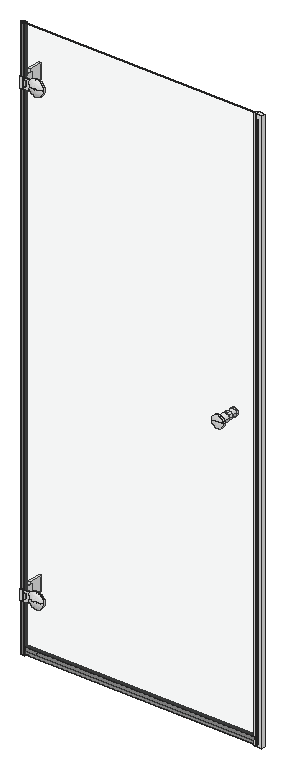
Revit family "Sanitary_Shower-screens_Duscholux_Pre-Style_Cassiopea_Pivot-door-shower", category Plumbing Fixtures, Revit 2016
Family settings
  Part Type = Normal
  Round Connector Dimension = Use Diameter
  OmniClass Number = 23.45.00.00
  OmniClass Title = Sanitary, Laundry, and Cleaning Equipment
  Work Plane-Based = No
  Always vertical = Yes
  Cut with Voids When Loaded = No
  Shared = No
  Room Calculation Point = No
Parameters (values of type "Platinum Aluminium Finish")
  Width = 800 mm
  Uniclass 2015 Description = "Shower Enclosures"
  Uniclass 2015 Code = "PR-40-20-06-79"
  URL = "http://www.duscholux.es/"
  UNSPSC Code = "30181507"
  Thickness Glass = 6 mm  # constant formula
  Technical Inspection Certificate (Applus) = "http://www.duscholux.es/resources/custom/var/APPLUS_en.pdf"
  Series = "Pure Style"
  Region South America = "Consult"
  Region Oceania = "Consult"
  Region North America = "Consult"
  Region Middle East = "Consult"
  Region Europe = "AD, ES, FR, PT"
  Region Asia = "Consult"
  Region Antartica = "Consult"
  Region Africa = "Consult"
  Ref. = "4UL / 4UR"
  Products = "http://www.duscholux.es/mamparas_filtro.aspx?es"
  Product group = "Front for shower"
  Product family = "Pure Style"
  Openning angle = 0.00°
  Opening System Image = "http://blob.duscholux.es/pluma512/FDIzq1pabatible180.gif"
  Opening System = "Pivot Door"
  Net Weight (Kg) = 26
  NBS Reference Description = "Shower Enclosures"
  NBS Reference Code = "45-35-70"
  Model = "Cassiopea"
  Min Max Width = if(Width < 400 mm, 400 mm, if(Width > 1000 mm, 1000 mm, Width))  # 800 mm
  Min Max Openning angle = if(Openning angle < -90.00°, -90.00°, if(Openning angle > 90.00°, 90.00°, Openning angle))  # 0.00°
  Max Height = if(Height < 1601 mm, 1601 mm, if(Height > 2100 mm, 2100 mm, Height))  # 1900 mm
  Manufacturer name = "Duscholux Ibérica, S.A."
  Manufacturer country = "Spain"
  Maintenance and Cleaning = "http://www.duscholux.es/mamparas_limpieza.aspx?en"
  Image = "http://www.duscholux.es/resources/custom/img/mamparas/PURE%20STYLE/modelos/0F1PFDA/mampara_h.jpg"
  IFC Classification = "Furnishing Element"
  Height = 1900 mm
  Handle Material = Chrome_Finish
  Handle Height = Max Height / 2  # 950 mm
  Glass in Building UNE EN 12150 = "CE Conformity marking"
  Glass Material = Glass_Material-Duscholux
  Frame Material = Platinum Aluminium Finish
  Fact Sheet = "http://blob.duscholux.es/enpdf2018/Cassiopea1PFD.pdf"
  Manufacturer = "Duscholux Ibérica, S.A."
  Environmental Management ISO 14001 = "ECOEMBES Certificate"
  Edition number = "1"
  Door aperture = Min Max Width - 4 mm - 20 mm  # 776 mm
  Design country = "Spain / Germany"
  Description = "Pivot door at 180° for shower"
  Date of publishing = ""
  Assembly Code = "C1030200"
  Configuration enclosure = "http://configuratumampara.duscholux.es/eCatalogo.aspx"
  Components = "Eropean components"
  Type Comments = ""
  Combinations = "Hinge and handle to choice (Round, square or triangular)"
  Certified Quality UNE EN 14428 = "http://www.duscholux.es/duscholux_downloads.aspx?es"
  COBIe Type Category = ""
  Brand = "Duscholux"
  Accesories Material = Chrome_Finish
Types (3, lengths in mm): name | Width | Products | Min Max Width | Max Height | Height | Handle Height | Frame Material | Door aperture
  (no name) | 800 | "http://www.duscholux.es/mamparas_filtro.aspx?es" | 800 | 1900 | 1900 | 950 | Platinum Aluminium Finish | 776
  Silver Matt Aluminium Finish | 700 | "http://www.duscholux.es/mamparas_filtro.aspx?e" | 700 | 1800 | 1800 | 900 | Silver Matt Aluminium Finish | 676
  Platinum Aluminium Finish | 800 | "http://www.duscholux.es/mamparas_filtro.aspx?es" | 800 | 1900 | 1900 | 950 | Platinum Aluminium Finish | 776
Reference planes
  plane 1 "Centro (Frontal/Posterior)": y = 0
  plane 2: z = 0
  plane 3 "Centro (Izquierda/Derecha)": x = 0
  plane 4: z = 1900
  plane 5: z = 950
  plane 6: z = 0
  plane 7: x = 4
  plane 8: y = 0
  plane 9: y = 6
  plane 10: x = 800
  plane 11: z = 1720
  plane 12: z = 0
  plane 13: z = 14
  plane 14: z = 180
Forms (mm)
  Extrusion 1, solid, material "Glass_Material-Duscholux" <- "Glass Material"
    sketch origin (4, 0, 0) x (1, 0, 0) y (0, 1, 0)
      loop
        line (-4, 0) -> (770.7, 0) -> (770.7, 6) -> (-4, 6) -> (-4, 0)
    from 0 to 1900
  Extrusion 2, solid, material "Plástico, transparente"
    sketch origin (4, 0, 0) x (1, 0, 0) y (0, 1, 0)
      loop
        line (-12.6, -1.2) -> (1, -1.2) -> (1, -0.2) -> (-4, -0.2) -> (-4, 6.2) -> (1, 6.2) -> (1, 7.2) -> (-12.6, 7.2)
        arc (-12.6, 7.2) -> (-14, 3) -> (-12.6, -1.2) r 7
      loop
        line (-12.344, -0.7) -> (-5, -0.7) -> (-5, 6.7) -> (-12.344, 6.7)
        arc (-12.344, 6.7) -> (-13.5, 3) -> (-12.344, -0.7) r 6.5
    from 0 to 162.5
  Extrusion 3, solid, material "Plástico, transparente"
    sketch origin (4, 0, 0) x (1, 0, 0) y (0, 1, 0)
      loop
        line (-12.6, -1.2) -> (1, -1.2) -> (1, -0.2) -> (-4, -0.2) -> (-4, 6.2) -> (1, 6.2) -> (1, 7.2) -> (-12.6, 7.2)
        arc (-12.6, 7.2) -> (-14, 3) -> (-12.6, -1.2) r 7
      loop
        line (-12.344, -0.7) -> (-5, -0.7) -> (-5, 6.7) -> (-12.344, 6.7)
        arc (-12.344, 6.7) -> (-13.5, 3) -> (-12.344, -0.7) r 6.5
    from 197.5 to 1702.5
  Extrusion 4, solid, material "Plástico, transparente"
    sketch origin (4, 0, 0) x (1, 0, 0) y (0, 1, 0)
      loop
        line (-12.6, -1.2) -> (1, -1.2) -> (1, -0.2) -> (-4, -0.2) -> (-4, 6.2) -> (1, 6.2) -> (1, 7.2) -> (-12.6, 7.2)
        arc (-12.6, 7.2) -> (-14, 3) -> (-12.6, -1.2) r 7
      loop
        line (-12.344, -0.7) -> (-5, -0.7) -> (-5, 6.7) -> (-12.344, 6.7)
        arc (-12.344, 6.7) -> (-13.5, 3) -> (-12.344, -0.7) r 6.5
    from 1737.5 to 1900
  Extrusion 5, solid, material "Chrome_Finish" <- "Accesories Material"
    sketch origin (0, -79.378, 0) x (1, 0, 0) y (0, 1, 0)
      loop
        line (800, 89.963) -> (782.446, 89.963) -> (780, 85.726) -> (780, 78.463) -> (800, 78.463) -> (800, 89.963)
    from 0 to 1900
  Extrusion 6, solid, material "Chrome_Finish" <- "Accesories Material"
    sketch origin (6.5, 0, 0) x (1, 0, 0) y (0, 1, 0)
      loop
        line (773.5, -0.593) -> (773.5, 6.593) -> (772.8, 7.547)
        arc (772.8, 7.547) -> (769.992, 7.905) -> (767.235, 7.262) r 8
        line (767.235, 7.262) -> (767.235, 6.095) -> (768.2, 6.095) -> (768.2, -0.095) -> (767.235, -0.095) -> (767.235, -1.262)
        arc (767.235, -1.262) -> (769.992, -1.905) -> (772.8, -1.547) r 8
        line (772.8, -1.547) -> (773.5, -0.593)
    from 0 to 1900
Lines and regions (mm)
  reference lines
    curve 1: line (4, 0, 0) -> (780, 0, 0)
  symbolic lines
    curve 2: line (4, 100, 0) -> (4, 876, 0)
    curve 3: line (4, 100, 0) -> (4, -676, 0)
    curve 4: arc (4, 876, 0) -> (780, 100, 0) -> (4, -676, 0) r 776
Dimensions and locks
  locked: plane 3 "Centro (Izquierda/Derecha)" to plane 7 at 4
  "Max Height": plane 4 to level
  "Handle Height": plane 5 to level
  "Door aperture": curve 1 to curve 1
  "Min Max Width": plane 3 "Centro (Izquierda/Derecha)" to plane 10
  locked: plane 4 to plane 11 at 180
  locked: plane 11 to Extrusion 3 at 17.5
  locked: Extrusion 4 to plane 11 at 17.5
  locked: plane 13 to plane 12 at 14
  locked: plane 14 to level at 180
  locked: nested 7 to Extrusion 1 at 100
  "Door aperture": curve 2 to curve 2
  "Door aperture": curve 3 to curve 3
  "Min Max Openning angle": angle curve 1 to plane 8
  aligned and locked: level to plane 2
  aligned and locked: plane 7 to curve 1
  aligned and locked: plane 8 to curve 1
  aligned and locked: plane 4 to Extrusion 1
  aligned and locked: nested 5 to Extrusion 2
  aligned and locked: Extrusion 1 to Extrusion 4
  aligned and locked: plane 11 to nested 2
  aligned and locked: nested 3 to plane 11
  aligned and locked: nested 6 to plane 5
  aligned and locked: nested 6 to nested 7
  aligned and locked: nested 7 to plane 5
  aligned and locked: nested 4 to plane 14
  aligned and locked: plane 14 to nested 1
  aligned and locked: Extrusion 2 to Extrusion 1
  aligned and locked: Extrusion 2 to nested 1
  aligned and locked: Extrusion 3 to nested 1
  aligned and locked: Extrusion 2 to level
  aligned and locked: plane 4 to Extrusion 5
  aligned and locked: Extrusion 5 to plane 12
  aligned and locked: Extrusion 6 to Extrusion 1
  aligned and locked: Extrusion 6 to plane 12
  aligned and locked: Extrusion 1 to nested 5
Automatic sketch dimensions
  Extrusion 5 sketch curve to plane 10 = 0 mm
  Extrusion 5 sketch curve to plane 9 = 6.915 mm
  Extrusion 5 sketch curve to Extrusion 5 sketch curve = 17.554 mm
  Extrusion 5 sketch curve to Extrusion 5 sketch curve = 2.446 mm
  Extrusion 5 sketch curve to Extrusion 5 sketch curve = 11.5 mm
  Extrusion 5 sketch curve to Extrusion 5 sketch curve = 4.237 mm
  Extrusion 1 sketch curve to curve 1 = 0 mm
  Extrusion 1 sketch curve to curve 1 = 4 mm
  Extrusion 1 sketch curve to curve 1 = 5.3 mm
  curve 1 to Extrusion 1 sketch curve = 6 mm
  Extrusion 2 sketch curve to Extrusion 2 sketch curve = 0 mm  (x3)
  Extrusion 2 sketch curve to curve 1 = 12.6 mm
  curve 1 to Extrusion 2 sketch curve = 1.2 mm
  Extrusion 2 sketch curve to Extrusion 2 sketch curve = 0.256 mm  (x2)
  Extrusion 2 sketch curve to Extrusion 2 sketch curve = 5.344 mm
  Extrusion 2 sketch curve to Extrusion 2 sketch curve = 2 mm
  curve 1 to Extrusion 2 sketch curve = 0.2 mm
  Extrusion 2 sketch curve to Extrusion 2 sketch curve = 1 mm
  curve 1 to Extrusion 2 sketch curve = 1 mm  (x2)
  curve 1 to Extrusion 2 sketch curve = 0.7 mm
  Extrusion 2 sketch curve to curve 1 = 3 mm
  curve 1 to Extrusion 2 sketch curve = 6.2 mm
  Extrusion 3 sketch curve to Extrusion 3 sketch curve = 0 mm  (x3)
  Extrusion 3 sketch curve to curve 1 = 12.6 mm
  curve 1 to Extrusion 3 sketch curve = 1.2 mm
  Extrusion 3 sketch curve to Extrusion 3 sketch curve = 0.256 mm  (x2)
  Extrusion 3 sketch curve to Extrusion 3 sketch curve = 5.344 mm
  Extrusion 3 sketch curve to Extrusion 3 sketch curve = 2 mm
  curve 1 to Extrusion 3 sketch curve = 0.2 mm
  Extrusion 3 sketch curve to Extrusion 3 sketch curve = 1 mm
  curve 1 to Extrusion 3 sketch curve = 1 mm  (x2)
  curve 1 to Extrusion 3 sketch curve = 0.7 mm
  Extrusion 3 sketch curve to curve 1 = 3 mm
  curve 1 to Extrusion 3 sketch curve = 6.2 mm
  Extrusion 4 sketch curve to Extrusion 4 sketch curve = 0 mm  (x3)
  Extrusion 4 sketch curve to curve 1 = 12.6 mm
  curve 1 to Extrusion 4 sketch curve = 1.2 mm
  Extrusion 4 sketch curve to Extrusion 4 sketch curve = 0.256 mm  (x2)
  Extrusion 4 sketch curve to Extrusion 4 sketch curve = 5.344 mm
  Extrusion 4 sketch curve to Extrusion 4 sketch curve = 2 mm
  curve 1 to Extrusion 4 sketch curve = 0.2 mm
  Extrusion 4 sketch curve to Extrusion 4 sketch curve = 1 mm
  curve 1 to Extrusion 4 sketch curve = 1 mm  (x2)
  curve 1 to Extrusion 4 sketch curve = 0.7 mm
  Extrusion 4 sketch curve to curve 1 = 3 mm
  curve 1 to Extrusion 4 sketch curve = 6.2 mm
  curve 1 to Extrusion 6 sketch curve = 1.262 mm
  Extrusion 6 sketch curve to curve 1 = 6.265 mm  (x2)
  Extrusion 6 sketch curve to Extrusion 6 sketch curve = 0.965 mm
  curve 1 to Extrusion 6 sketch curve = 0.085 mm
  Extrusion 6 sketch curve to Extrusion 6 sketch curve = 2.2 mm  (x2)
  Extrusion 6 sketch curve to curve 1 = 0.7 mm  (x2)
  curve 1 to Extrusion 6 sketch curve = 0 mm
  curve 1 to Extrusion 6 sketch curve = 1.547 mm
  Extrusion 6 sketch curve to curve 1 = 0.593 mm
  curve 1 to Extrusion 6 sketch curve = 0.095 mm
  Extrusion 6 sketch curve to Extrusion 6 sketch curve = 0.01 mm
  curve 1 to Extrusion 6 sketch curve = 6.593 mm
  Extrusion 6 sketch curve to Extrusion 6 sketch curve = 1.167 mm
  curve 2 to curve 1 = 0 mm
  curve 4 to curve 1 = 676 mm
Nested families
  nested 1: "Hinge (Wall)" at (0, 0, 155), type "Hinge (Wall)"
  nested 2: "Hinge (Wall)" at (0, 0, 1695), type "Hinge (Wall)"
  nested 3: "Hinge (Glass)" at (0, 0, 1720) x (1, 0, 0) z (0, -1, 0), type "Hinge (Glass)"
  nested 4: "Hinge (Glass)" at (0, 0, 180) x (1, 0, 0) z (0, -1, 0), type "Hinge (Glass)"
  nested 5: "Lower-Guide" at (774.7, -0.2, 15) x (-1, 0, 0) z (0, 0, 1), type "Lower-Guide", detail levels fine
    with built-in parameter 1001306 2.5253 (stored number, unit not read)
  nested 6: "Int.-Handle-Purestyle" at (674.7, 6, 950) x (-1, 0, 0) z (0, 1, 0), type "Int.-Handle-Purestyle", detail levels medium+fine
  nested 7: "Ext.-Handle-Purestyle" at (674.7, 0, 950) x (1, 0, 0) z (0, -1, 0), type "Ext.-Handle-Purestyle", detail levels medium+fine
Definition of nested family "Hinge (Wall)"
  Parameters (values of type "pletina pared")
    Material Accesorios = none
    Accesories Material = none
  Reference planes
    plane 1 "Centro (Frontal/Posterior)": y = 0
    plane 2: z = 0
    plane 3 "Centro (Izquierda/Derecha)": x = 0
    plane 4: z = 50
    plane 5: z = 42.5
    plane 6: z = 7.5
    plane 7: z = 25
  Forms (mm)
    Extrusion 1, solid, material <- "Accesories Material"
      sketch origin (0, 0, 0) x (1, 0, 0) y (0, 1, 0)
        loop
          line (-3.514, 75) -> (-10, 75) -> (-10, -4) -> (0, -4) -> (0, 32) -> (-1.514, 32) -> (-1.514, 73)
          arc (-1.514, 73) -> (-2.1, 74.414) -> (-3.514, 75) r 2
      from 0 to 50
    Extrusion 2, void
      sketch origin (0, 0, 0) x (1, 0, 0) y (0, 1, 0)
        loop
          line (-10, -4) -> (0, -4) -> (0, 32) -> (-1.514, 32) -> (-10, 26.002) -> (-10, -4)
      from 42.5 to 50
    Extrusion 3, void
      sketch origin (0, 0, 0) x (1, 0, 0) y (0, 1, 0)
        loop
          line (-10, 26.002) -> (-10, -4) -> (0, -4) -> (0, 32) -> (-1.514, 32) -> (-10, 26.002)
      from 0 to 7.5
  Cuts and joins
    Extrusion 2, Extrusion 3 cuts Extrusion 1
  Dimensions and locks
    equal spacing: plane 4, plane 7, level
    aligned and locked: level to plane 2
    aligned and locked: plane 4 to Extrusion 1
    aligned and locked: Extrusion 2 to Extrusion 1
    aligned and locked: Extrusion 2 to plane 5
    aligned and locked: Extrusion 3 to level
    aligned and locked: plane 6 to Extrusion 3
    aligned and locked: Extrusion 1 to Extrusion 2
    aligned and locked: Extrusion 1 to Extrusion 3
  Automatic sketch dimensions
    Extrusion 1 sketch curve to plane 3 "Centro (Izquierda/Derecha)" = 0 mm
    Extrusion 1 sketch curve to plane 3 "Centro (Izquierda/Derecha)" = 1.514 mm
    Extrusion 1 sketch curve to Extrusion 1 sketch curve = 2 mm
    plane 1 "Centro (Frontal/Posterior)" to Extrusion 1 sketch curve = 4 mm
    Extrusion 1 sketch curve to plane 3 "Centro (Izquierda/Derecha)" = 10 mm
    Extrusion 1 sketch curve to plane 1 "Centro (Frontal/Posterior)" = 32 mm
    Extrusion 1 sketch curve to Extrusion 1 sketch curve = 41 mm
    Extrusion 2 sketch curve to plane 3 "Centro (Izquierda/Derecha)" = 0 mm
    Extrusion 2 sketch curve to plane 3 "Centro (Izquierda/Derecha)" = 1.514 mm
    plane 1 "Centro (Frontal/Posterior)" to Extrusion 2 sketch curve = 4 mm
    Extrusion 2 sketch curve to plane 3 "Centro (Izquierda/Derecha)" = 10 mm
    Extrusion 2 sketch curve to plane 1 "Centro (Frontal/Posterior)" = 26.002 mm
    Extrusion 2 sketch curve to Extrusion 2 sketch curve = 5.998 mm
    Extrusion 3 sketch curve to plane 3 "Centro (Izquierda/Derecha)" = 0 mm
    Extrusion 3 sketch curve to plane 3 "Centro (Izquierda/Derecha)" = 1.514 mm
    Extrusion 3 sketch curve to plane 3 "Centro (Izquierda/Derecha)" = 10 mm
    plane 1 "Centro (Frontal/Posterior)" to Extrusion 3 sketch curve = 4 mm
    Extrusion 3 sketch curve to plane 1 "Centro (Frontal/Posterior)" = 26.002 mm
    Extrusion 3 sketch curve to Extrusion 3 sketch curve = 5.998 mm
Definition of nested family "Hinge (Glass)"
  Parameters (values of type "pletina cristal")
    Default Elevation = 1219.2 mm
    Accesories Material = none
  Reference planes
    plane 1 "Centro (Frontal/Posterior)": y = 0
    plane 2: z = 0
    plane 3 "Centro (Izquierda/Derecha)": x = 0
    plane 4: y = 17.5
    plane 5: y = -17.5
    plane 6: x = 43.993
  Forms (mm)
    Extrusion 1, solid
      sketch origin (0, 0, 0) x (1, 0, 0) y (0, 1, 0)
        loop
          line (-1219.2, 1219.2) -> (-1219.2, -1219.2) -> (1219.2, -1219.2) -> (1219.2, 1219.2) -> (-1219.2, 1219.2)
      from 0 to -304.8
    Extrusion 2, solid, material <- "Accesories Material"
      sketch origin (0.8, 0, 0) x (1, 0, 0) y (0, 1, 0)
        loop
          line (-0.8, 17.5) -> (-0.8, -17.5) -> (24.777, -17.5)
          arc (24.777, -17.5) -> (69.993, 0) -> (24.777, 17.5) r 25.995
          line (24.777, 17.5) -> (-0.8, 17.5)
        loop
          line (3.2, 9.5) -> (3.2, -9.5) -> (12.7, -9.5) -> (12.7, 9.5) -> (3.2, 9.5)
      from 0 to 4
    Revolve 3, solid, material <- "Accesories Material"
      sketch origin (0.8, 0, 0) x (1, 0, 0) y (0, 0, 1)
        loop
          arc (69.993, 4) -> (57.6, 9.978) -> (43.993, 12.031) r 46.1
          line (43.993, 12.031) -> (43.993, 4) -> (69.993, 4)
        axis (43.993, 12.031) -> (43.993, 4)
      angle from 0 to 360
    Extrusion 4, void
      sketch origin (0, 0, 0) x (1, 0, 0) y (0, 0, 1)
        loop
          arc (0, 0) -> (1.172, 2.828) -> (4, 4) r 4
          line (4, 4) -> (0, 4) -> (0, 0)
      from -17.5 to 250
  Cuts and joins
    Extrusion 4 cuts Extrusion 2
    Extrusion 4 cuts Revolve 3
    joined: Extrusion 2, Revolve 3
  Dimensions and locks
    aligned and locked: plane 2 to Extrusion 1
    aligned and locked: level to Extrusion 1
    aligned and locked: Extrusion 2 to plane 3 "Centro (Izquierda/Derecha)"
    aligned and locked: cut or joined group of Extrusion 2, Revolve 3, Extrusion 4 to cut or joined group of Extrusion 2, Revolve 3, Extrusion 4
Definition of nested family "Lower-Guide"
  Parameters (values of type "1085-MA")
    built-in parameter 1001306 [instance] = 1200 mm
  Reference planes
    plane 1 "Centro (Frontal/Posterior)": y = 0
    plane 2: z = 0
    plane 3 "Izquierda": x = 0
    plane 4 "Derecha": x = 1200
  Forms (mm)
    Extrusion 1, solid
      sketch origin (0, 3.2, 0) x (0, 1, 0) y (0, 0, 1)
        loop
          line (4.2, -0.375) -> (4.2, 12.082) -> (3.2, 12.082) -> (3.2, 0) -> (-3.2, 0) -> (-3.2, 12.082) -> (-4.2, 12.082) -> (-4.2, -1) -> (-0.5, -1) -> (-0.5, -13.5)
          arc (-0.5, -13.5) -> (0, -14) -> (0.5, -13.5) r 0.5
          line (0.5, -13.5) -> (0.5, -1) -> (3.563, -1) -> (11.185, -5.692) -> (11.639, -4.954) -> (4.2, -0.375)
      from 0 to 1200
  Lines and regions (mm)
    reference lines
      curve 1: line (0, 3.2, 0) -> (1200, 3.2, 0)
  Dimensions and locks
    "built-in parameter 1001306": plane 3 "Izquierda" to plane 4 "Derecha"
    aligned and locked: plane 4 "Derecha" to curve 1
    aligned and locked: plane 3 "Izquierda" to curve 1
    aligned and locked: level to plane 2
    aligned and locked: plane 4 "Derecha" to Extrusion 1
    aligned and locked: Extrusion 1 to plane 3 "Izquierda"
  Automatic sketch dimensions
    Extrusion 1 sketch curve to level = 0 mm
    Extrusion 1 sketch curve to plane 1 "Centro (Frontal/Posterior)" = 3.2 mm
    Extrusion 1 sketch curve to plane 1 "Centro (Frontal/Posterior)" = 2.7 mm
    Extrusion 1 sketch curve to Extrusion 1 sketch curve = 2.7 mm
    Extrusion 1 sketch curve to Extrusion 1 sketch curve = 1 mm
    Extrusion 1 sketch curve to plane 1 "Centro (Frontal/Posterior)" = 6.4 mm
    Extrusion 1 sketch curve to Extrusion 1 sketch curve = 0.363 mm
    Extrusion 1 sketch curve to level = 0.375 mm
    Extrusion 1 sketch curve to Extrusion 1 sketch curve = 0.637 mm
    Extrusion 1 sketch curve to level = 1 mm  (x2)
    Extrusion 1 sketch curve to level = 5.692 mm
    Extrusion 1 sketch curve to Extrusion 1 sketch curve = 12.5 mm
    Extrusion 1 sketch curve to Extrusion 1 sketch curve = 12.082 mm
    Extrusion 1 sketch curve to Extrusion 1 sketch curve = 0 mm
    Extrusion 1 sketch curve to level = 4.954 mm
    curve 1 to plane 1 "Centro (Frontal/Posterior)" = 3.2 mm
Definition of nested family "Int.-Handle-Purestyle"
  Parameters (values of type "Int.-Handle-Purestyle")
    Handle Material = none
    Default Elevation = 1219.2 mm
  Reference planes
    plane 1 "Centro (Frontal/Posterior)": y = 0
    plane 2: z = 0
    plane 3 "Centro (Izquierda/Derecha)": x = 0
    plane 4: z = 10
    plane 5: z = 30
    plane 6: z = 33
  Forms (mm)
    Extrusion 1, solid
      sketch origin (0, 0, 0) x (1, 0, 0) y (0, 1, 0)
        loop
          line (-1219.2, 1219.2) -> (-1219.2, -1219.2) -> (1219.2, -1219.2) -> (1219.2, 1219.2) -> (-1219.2, 1219.2)
      from 0 to -304.8
    Extrusion 2, solid, material <- "Handle Material"
      sketch origin (0, 0, 0) x (1, 0, 0) y (0, 1, 0)
        loop
          circle (0, 0) r 12.518
      from 0 to 10
    Extrusion 3, solid, material <- "Handle Material"
      sketch origin (0, 0, 0) x (1, 0, 0) y (0, 1, 0)
        loop
          circle (0, 0) r 10
      from 10 to 30
    Extrusion 4, solid, material <- "Handle Material"
      sketch origin (0, 0, 0) x (1, 0, 0) y (0, 1, 0)
        loop
          circle (0, 0) r 12.518
      from 30 to 33
  Cuts and joins
    joined: Extrusion 2, Extrusion 3, Extrusion 4
  Dimensions and locks
    aligned and locked: plane 2 to Extrusion 1
    aligned and locked: level to Extrusion 1
    aligned and locked: Extrusion 3 to Extrusion 2
    aligned and locked: Extrusion 4 to Extrusion 3
    aligned and locked: plane 6 to Extrusion 4
Definition of nested family "Ext.-Handle-Purestyle"
  Parameters (values of type "Ext.-Handle-Purestyle")
    Handle Material = none
    Default Elevation = 1219.2 mm
  Reference planes
    plane 1 "Centro (Frontal/Posterior)": y = 0
    plane 2: z = 0
    plane 3 "Centro (Izquierda/Derecha)": x = 0
    plane 4: z = 25
    plane 5: z = 30
    plane 6: z = 27.5
  Forms (mm)
    Extrusion 1, solid
      sketch origin (0, 0, 0) x (1, 0, 0) y (0, 1, 0)
        loop
          line (-1219.2, 1219.2) -> (-1219.2, -1219.2) -> (1219.2, -1219.2) -> (1219.2, 1219.2) -> (-1219.2, 1219.2)
      from 0 to -304.8
    Extrusion 2, solid, material <- "Handle Material"
      sketch origin (0, 0, 0) x (1, 0, 0) y (0, 1, 0)
        loop
          circle (0, 0) r 12.542
      from 0 to 25
    Extrusion 3, solid, material <- "Handle Material"
      sketch origin (0, 0, 0) x (1, 0, 0) y (0, 1, 0)
        loop
          circle (0, 0) r 20
      from 25 to 30
    Revolve 4, solid, material <- "Handle Material"
      sketch origin (0, 0, 0) x (1, 0, 0) y (0, 0, 1)
        loop
          line (0, 30) -> (20, 30)
          arc (20, 30) -> (10.059, 31.59) -> (0, 32.01) r 86.26
          line (0, 32.01) -> (0, 30)
        axis (0, 32.01) -> (0, 30)
      angle from 0 to 360
    Revolve 5, solid, material <- "Handle Material"
      sketch origin (0, 0, 55) x (1, 0, 0) y (0, 0, -1)
        loop
          line (0, 30) -> (20, 30)
          arc (20, 30) -> (10.059, 31.59) -> (0, 32.01) r 86.26
          line (0, 32.01) -> (0, 30)
        axis (0, 32.01) -> (0, 30)
      angle from 0 to 360
  Cuts and joins
    joined: Extrusion 2, Extrusion 3, Revolve 4, Revolve 5
  Dimensions and locks
    aligned and locked: plane 2 to Extrusion 1
    aligned and locked: level to Extrusion 1
    aligned and locked: Extrusion 3 to Extrusion 2
    aligned and locked: plane 5 to Extrusion 3
